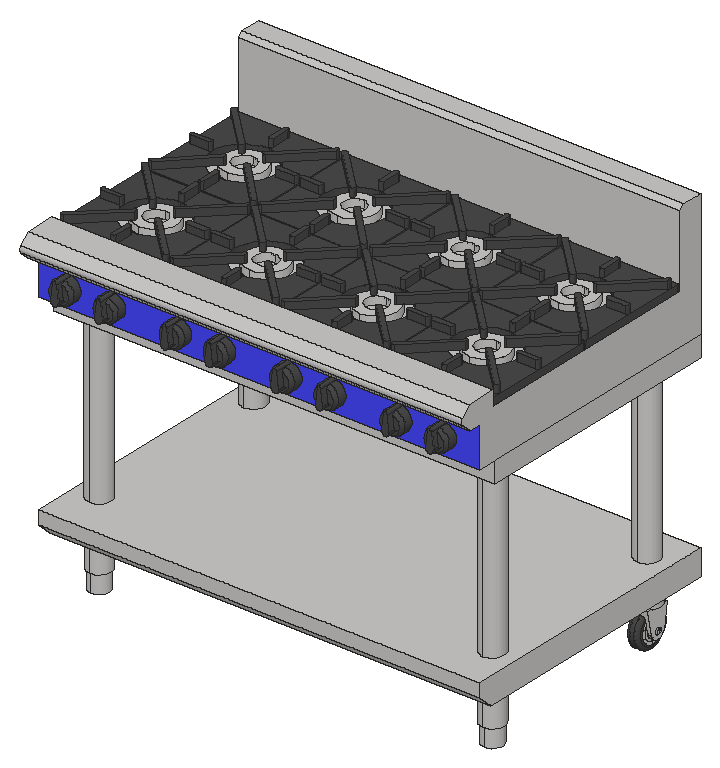
Revit family "QF_MOFFAT_BLUESEAL_CE_G518D-LS", category Specialty Equipment, Revit 2012 (continued)
Definition of nested family "GAS BURNER 1200"
  Lines and regions (mm)
    symbolic lines
      curve 55: line (596, 0, 0) -> (304, 0, 0)
      curve 56: arc (304, 0, 0) -> (301.879, -0.879, 0) -> (301, -3, 0) r 3
      curve 57: line (301, -3, 0) -> (301, -315.5, 0)
      curve 58: arc (301, -315.5, 0) -> (301.879, -317.621, 0) -> (304, -318.5, 0) r 3
      curve 59: line (304, -318.5, 0) -> (596, -318.5, 0)
      curve 60: arc (596, -318.5, 0) -> (598.121, -317.621, 0) -> (599, -315.5, 0) r 3
      curve 61: line (599, -315.5, 0) -> (599, -3, 0)
      curve 62: arc (599, -3, 0) -> (598.121, -0.879, 0) -> (596, 0, 0) r 3
      curve 63: line (296, 0, 0) -> (4, 0, 0)
      curve 64: arc (4, 0, 0) -> (1.879, -0.879, 0) -> (1, -3, 0) r 3
      curve 65: line (1, -3, 0) -> (1, -315.5, 0)
      curve 66: arc (1, -315.5, 0) -> (1.879, -317.621, 0) -> (4, -318.5, 0) r 3
      curve 67: line (4, -318.5, 0) -> (296, -318.5, 0)
      curve 68: arc (296, -318.5, 0) -> (298.121, -317.621, 0) -> (299, -315.5, 0) r 3
      curve 69: line (299, -315.5, 0) -> (299, -3, 0)
      curve 70: arc (299, -3, 0) -> (298.121, -0.879, 0) -> (296, 0, 0) r 3
      curve 71: line (296, -321.5, 0) -> (4, -321.5, 0)
      curve 72: arc (4, -321.5, 0) -> (1.879, -322.379, 0) -> (1, -324.5, 0) r 3
      curve 73: line (1, -324.5, 0) -> (1, -632, 0)
      curve 74: arc (1, -632, 0) -> (1.879, -634.121, 0) -> (4, -635, 0) r 3
      curve 75: line (4, -635, 0) -> (296, -635, 0)
      curve 76: arc (296, -635, 0) -> (298.121, -634.121, 0) -> (299, -632, 0) r 3
      curve 77: line (299, -632, 0) -> (299, -324.5, 0)
      curve 78: arc (299, -324.5, 0) -> (298.121, -322.379, 0) -> (296, -321.5, 0) r 3
      curve 79: line (596, -321.5, 0) -> (304, -321.5, 0)
      curve 80: arc (304, -321.5, 0) -> (301.879, -322.379, 0) -> (301, -324.5, 0) r 3
      curve 81: line (301, -324.5, 0) -> (301, -632, 0)
      curve 82: arc (301, -632, 0) -> (301.879, -634.121, 0) -> (304, -635, 0) r 3
      curve 83: line (304, -635, 0) -> (596, -635, 0)
      curve 84: arc (596, -635, 0) -> (598.121, -634.121, 0) -> (599, -632, 0) r 3
      curve 85: line (599, -632, 0) -> (599, -324.5, 0)
      curve 86: arc (599, -324.5, 0) -> (598.121, -322.379, 0) -> (596, -321.5, 0) r 3
      curve 87: line (293.898, -304.847, 0) -> (185.975, -193.424, 0)
      curve 88: spline (185.975, -193.424, 0) -> (184.905, -192.663, 0) -> (183.601, -192.262, 0) -> (182.149, -192.249, 0) -> (180.65, -192.625, 0) -> (179.205, -193.363, 0) -> (177.914, -194.414, 0) -> (176.863, -195.705, 0) -> (176.125, -197.15, 0) -> (175.749, -198.649, 0) -> (175.762, -200.101, 0) -> (176.163, -201.405, 0) -> (176.924, -202.475, 0)
      curve 89: line (176.924, -202.475, 0) -> (284.847, -313.898, 0)
      curve 90: spline (284.847, -313.898, 0) -> (285.916, -314.659, 0) -> (287.221, -315.059, 0) -> (288.672, -315.072, 0) -> (290.171, -314.697, 0) -> (291.616, -313.959, 0) -> (292.908, -312.908, 0) -> (293.959, -311.616, 0) -> (294.697, -310.171, 0) -> (295.072, -308.672, 0) -> (295.059, -307.221, 0) -> (294.659, -305.916, 0) -> (293.898, -304.847, 0)
      curve 91: line (15.153, -313.898, 0) -> (123.076, -202.475, 0)
      curve 92: spline (123.076, -202.475, 0) -> (123.837, -201.405, 0) -> (124.238, -200.101, 0) -> (124.251, -198.649, 0) -> (123.875, -197.15, 0) -> (123.137, -195.705, 0) -> (122.086, -194.414, 0) -> (120.795, -193.363, 0) -> (119.35, -192.625, 0) -> (117.851, -192.249, 0) -> (116.399, -192.262, 0) -> (115.095, -192.663, 0) -> (114.025, -193.424, 0)
      curve 93: line (114.025, -193.424, 0) -> (6.102, -304.847, 0)
      curve 94: spline (6.102, -304.847, 0) -> (5.341, -305.916, 0) -> (4.941, -307.221, 0) -> (4.928, -308.672, 0) -> (5.303, -310.171, 0) -> (6.041, -311.616, 0) -> (7.092, -312.908, 0) -> (8.384, -313.959, 0) -> (9.829, -314.697, 0) -> (11.328, -315.072, 0) -> (12.779, -315.059, 0) -> (14.084, -314.659, 0) -> (15.153, -313.898, 0)
      curve 95: line (8.898, -172.9, 0) -> (58.102, -172.9, 0)
      curve 96: spline (58.102, -172.9, 0) -> (59.396, -172.682, 0) -> (60.602, -172.043, 0) -> (61.638, -171.025, 0) -> (62.432, -169.7, 0) -> (62.932, -168.156, 0) -> (63.102, -166.5, 0) -> (62.932, -164.844, 0) -> (62.432, -163.3, 0) -> (61.638, -161.975, 0) -> (60.602, -160.957, 0) -> (59.396, -160.318, 0) -> (58.102, -160.1, 0)
      curve 97: line (58.102, -160.1, 0) -> (8.898, -160.1, 0)
      curve 98: spline (8.898, -160.1, 0) -> (7.604, -160.318, 0) -> (6.398, -160.957, 0) -> (5.362, -161.975, 0) -> (4.568, -163.3, 0) -> (4.068, -164.844, 0) -> (3.898, -166.5, 0) -> (4.068, -168.156, 0) -> (4.568, -169.7, 0) -> (5.362, -171.025, 0) -> (6.398, -172.043, 0) -> (7.604, -172.682, 0) -> (8.898, -172.9, 0)
      curve 99: line (6.102, -31.653, 0) -> (114.025, -139.576, 0)
      curve 100: spline (114.025, -139.576, 0) -> (115.095, -140.337, 0) -> (116.399, -140.738, 0) -> (117.851, -140.751, 0) -> (119.35, -140.375, 0) -> (120.795, -139.637, 0) -> (122.086, -138.586, 0) -> (123.137, -137.295, 0) -> (123.875, -135.85, 0) -> (124.251, -134.351, 0) -> (124.238, -132.899, 0) -> (123.837, -131.595, 0) -> (123.076, -130.525, 0)
      curve 101: line (123.076, -130.525, 0) -> (15.153, -22.602, 0)
      curve 102: spline (15.153, -22.602, 0) -> (13.924, -21.681, 0) -> (12.47, -21.131, 0) -> (10.89, -20.99, 0) -> (9.292, -21.267, 0) -> (7.786, -21.943, 0) -> (6.473, -22.973, 0) -> (5.443, -24.286, 0) -> (4.767, -25.792, 0) -> (4.49, -27.39, 0) -> (4.631, -28.97, 0) -> (5.181, -30.424, 0) -> (6.102, -31.653, 0)
      curve 103: arc (150, -136.5, 0) -> (180, -166.5, 0) -> (150, -196.5, 0) r 30
      curve 104: arc (150, -196.5, 0) -> (120, -166.5, 0) -> (150, -136.5, 0) r 30
      curve 105: line (156.4, -311.102, 0) -> (156.4, -261.898, 0)
      curve 106: spline (156.4, -261.898, 0) -> (156.182, -260.604, 0) -> (155.543, -259.398, 0) -> (154.525, -258.362, 0) -> (153.2, -257.568, 0) -> (151.656, -257.068, 0) -> (150, -256.898, 0) -> (148.344, -257.068, 0) -> (146.8, -257.568, 0) -> (145.475, -258.362, 0) -> (144.457, -259.398, 0) -> (143.818, -260.604, 0) -> (143.6, -261.898, 0)
      curve 107: line (143.6, -261.898, 0) -> (143.6, -311.102, 0)
      curve 108: spline (143.6, -311.102, 0) -> (143.818, -312.396, 0) -> (144.457, -313.602, 0) -> (145.475, -314.638, 0) -> (146.8, -315.432, 0) -> (148.344, -315.932, 0) -> (150, -316.102, 0) -> (151.656, -315.932, 0) -> (153.2, -315.432, 0) -> (154.525, -314.638, 0) -> (155.543, -313.602, 0) -> (156.182, -312.396, 0) -> (156.4, -311.102, 0)
      curve 109: line (156.4, -378.102, 0) -> (156.4, -328.898, 0)
      curve 110: spline (156.4, -328.898, 0) -> (156.182, -327.604, 0) -> (155.543, -326.398, 0) -> (154.525, -325.362, 0) -> (153.2, -324.568, 0) -> (151.656, -324.068, 0) -> (150, -323.898, 0) -> (148.344, -324.068, 0) -> (146.8, -324.568, 0) -> (145.475, -325.362, 0) -> (144.457, -326.398, 0) -> (143.818, -327.604, 0) -> (143.6, -328.898, 0)
      curve 111: line (143.6, -328.898, 0) -> (143.6, -378.102, 0)
      curve 112: spline (143.6, -378.102, 0) -> (143.818, -379.396, 0) -> (144.457, -380.602, 0) -> (145.475, -381.638, 0) -> (146.8, -382.432, 0) -> (148.344, -382.932, 0) -> (150, -383.102, 0) -> (151.656, -382.932, 0) -> (153.2, -382.432, 0) -> (154.525, -381.638, 0) -> (155.543, -380.602, 0) -> (156.182, -379.396, 0) -> (156.4, -378.102, 0)
      curve 113: line (284.847, -326.102, 0) -> (176.924, -434.025, 0)
      curve 114: spline (176.924, -434.025, 0) -> (176.163, -435.095, 0) -> (175.762, -436.399, 0) -> (175.749, -437.851, 0) -> (176.125, -439.35, 0) -> (176.863, -440.795, 0) -> (177.914, -442.086, 0) -> (179.205, -443.137, 0) -> (180.65, -443.875, 0) -> (182.149, -444.251, 0) -> (183.601, -444.238, 0) -> (184.905, -443.837, 0) -> (185.975, -443.076, 0)
      curve 115: line (185.975, -443.076, 0) -> (293.898, -335.153, 0)
      curve 116: spline (293.898, -335.153, 0) -> (294.659, -334.084, 0) -> (295.059, -332.779, 0) -> (295.072, -331.328, 0) -> (294.697, -329.829, 0) -> (293.959, -328.384, 0) -> (292.908, -327.092, 0) -> (291.616, -326.041, 0) -> (290.171, -325.303, 0) -> (288.672, -324.928, 0) -> (287.221, -324.941, 0) -> (285.916, -325.341, 0) -> (284.847, -326.102, 0)
      curve 117: line (123.076, -434.025, 0) -> (15.153, -326.102, 0)
      curve 118: spline (15.153, -326.102, 0) -> (13.924, -325.181, 0) -> (12.47, -324.631, 0) -> (10.89, -324.49, 0) -> (9.292, -324.767, 0) -> (7.786, -325.443, 0) -> (6.473, -326.473, 0) -> (5.443, -327.786, 0) -> (4.767, -329.292, 0) -> (4.49, -330.89, 0) -> (4.631, -332.47, 0) -> (5.181, -333.924, 0) -> (6.102, -335.153, 0)
      curve 119: line (6.102, -335.153, 0) -> (114.025, -443.076, 0)
      curve 120: spline (114.025, -443.076, 0) -> (115.095, -443.837, 0) -> (116.399, -444.238, 0) -> (117.851, -444.251, 0) -> (119.35, -443.875, 0) -> (120.795, -443.137, 0) -> (122.086, -442.086, 0) -> (123.137, -440.795, 0) -> (123.875, -439.35, 0) -> (124.251, -437.851, 0) -> (124.238, -436.399, 0) -> (123.837, -435.095, 0) -> (123.076, -434.025, 0)
      curve 121: line (58.102, -463.6, 0) -> (8.898, -463.6, 0)
      curve 122: spline (8.898, -463.6, 0) -> (7.604, -463.818, 0) -> (6.398, -464.457, 0) -> (5.362, -465.475, 0) -> (4.568, -466.8, 0) -> (4.068, -468.344, 0) -> (3.898, -470, 0) -> (4.068, -471.656, 0) -> (4.568, -473.2, 0) -> (5.362, -474.525, 0) -> (6.398, -475.543, 0) -> (7.604, -476.182, 0) -> (8.898, -476.4, 0)
      curve 123: line (8.898, -476.4, 0) -> (58.102, -476.4, 0)
      curve 124: spline (58.102, -476.4, 0) -> (59.396, -476.182, 0) -> (60.602, -475.543, 0) -> (61.638, -474.525, 0) -> (62.432, -473.2, 0) -> (62.932, -471.656, 0) -> (63.102, -470, 0) -> (62.932, -468.344, 0) -> (62.432, -466.8, 0) -> (61.638, -465.475, 0) -> (60.602, -464.457, 0) -> (59.396, -463.818, 0) -> (58.102, -463.6, 0)
      curve 125: line (114.025, -496.924, 0) -> (6.102, -603.347, 0)
      curve 126: spline (6.102, -603.347, 0) -> (5.341, -604.416, 0) -> (4.941, -605.721, 0) -> (4.928, -607.172, 0) -> (5.303, -608.671, 0) -> (6.041, -610.116, 0) -> (7.092, -611.408, 0) -> (8.384, -612.459, 0) -> (9.829, -613.197, 0) -> (11.328, -613.572, 0) -> (12.779, -613.559, 0) -> (14.084, -613.159, 0) -> (15.153, -612.398, 0)
      curve 127: line (15.153, -612.398, 0) -> (123.076, -505.975, 0)
      curve 128: spline (123.076, -505.975, 0) -> (123.837, -504.905, 0) -> (124.238, -503.601, 0) -> (124.251, -502.149, 0) -> (123.875, -500.65, 0) -> (123.137, -499.205, 0) -> (122.086, -497.914, 0) -> (120.795, -496.863, 0) -> (119.35, -496.125, 0) -> (117.851, -495.749, 0) -> (116.399, -495.762, 0) -> (115.095, -496.163, 0) -> (114.025, -496.924, 0)
      curve 129: line (156.4, -609.602, 0) -> (156.4, -561.898, 0)
      curve 130: spline (156.4, -561.898, 0) -> (156.182, -560.604, 0) -> (155.543, -559.398, 0) -> (154.525, -558.362, 0) -> (153.2, -557.568, 0) -> (151.656, -557.068, 0) -> (150, -556.898, 0) -> (148.344, -557.068, 0) -> (146.8, -557.568, 0) -> (145.475, -558.362, 0) -> (144.457, -559.398, 0) -> (143.818, -560.604, 0) -> (143.6, -561.898, 0)
      curve 131: line (143.6, -561.898, 0) -> (143.6, -609.602, 0)
      curve 132: spline (143.6, -609.602, 0) -> (143.818, -610.896, 0) -> (144.457, -612.102, 0) -> (145.475, -613.138, 0) -> (146.8, -613.932, 0) -> (148.344, -614.432, 0) -> (150, -614.602, 0) -> (151.656, -614.432, 0) -> (153.2, -613.932, 0) -> (154.525, -613.138, 0) -> (155.543, -612.102, 0) -> (156.182, -610.896, 0) -> (156.4, -609.602, 0)
      curve 133: line (176.924, -505.975, 0) -> (284.847, -612.398, 0)
      curve 134: spline (284.847, -612.398, 0) -> (285.916, -613.159, 0) -> (287.221, -613.559, 0) -> (288.672, -613.572, 0) -> (290.171, -613.197, 0) -> (291.616, -612.459, 0) -> (292.908, -611.408, 0) -> (293.959, -610.116, 0) -> (294.697, -608.671, 0) -> (295.072, -607.172, 0) -> (295.059, -605.721, 0) -> (294.659, -604.416, 0) -> (293.898, -603.347, 0)
      curve 135: line (293.898, -603.347, 0) -> (185.975, -496.924, 0)
      curve 136: spline (185.975, -496.924, 0) -> (184.905, -496.163, 0) -> (183.601, -495.762, 0) -> (182.149, -495.749, 0) -> (180.65, -496.125, 0) -> (179.205, -496.863, 0) -> (177.914, -497.914, 0) -> (176.863, -499.205, 0) -> (176.125, -500.65, 0) -> (175.749, -502.149, 0) -> (175.762, -503.601, 0) -> (176.163, -504.905, 0) -> (176.924, -505.975, 0)
      curve 137: arc (149.991, -384.418, 0) -> (179.687, -389.836, 0) -> (205.556, -405.393, 0) r 84.082
      curve 138: arc (149.991, -552.582, 0) -> (121.173, -547.489, 0) -> (95.845, -532.827, 0) r 84.082
      curve 139: arc (150, -523.5, 0) -> (167.666, -520.693, 0) -> (183.592, -512.55, 0) r 57
      curve 140: arc (150, -409.5, 0) -> (130.014, -413.119, 0) -> (112.566, -423.515, 0) r 57
      curve 141: arc (150, -436.5, 0) -> (180, -466.5, 0) -> (150, -496.5, 0) r 30
      curve 142: arc (150, -496.5, 0) -> (120, -466.5, 0) -> (150, -436.5, 0) r 30
      curve 143: line (291.102, -463.6, 0) -> (241.898, -463.6, 0)
      curve 144: spline (241.898, -463.6, 0) -> (240.604, -463.818, 0) -> (239.398, -464.457, 0) -> (238.362, -465.475, 0) -> (237.568, -466.8, 0) -> (237.068, -468.344, 0) -> (236.898, -470, 0) -> (237.068, -471.656, 0) -> (237.568, -473.2, 0) -> (238.362, -474.525, 0) -> (239.398, -475.543, 0) -> (240.604, -476.182, 0) -> (241.898, -476.4, 0)
      curve 145: line (241.898, -476.4, 0) -> (291.102, -476.4, 0)
      curve 146: spline (291.102, -476.4, 0) -> (292.396, -476.182, 0) -> (293.602, -475.543, 0) -> (294.638, -474.525, 0) -> (295.432, -473.2, 0) -> (295.932, -471.656, 0) -> (296.102, -470, 0) -> (295.932, -468.344, 0) -> (295.432, -466.8, 0) -> (294.638, -465.475, 0) -> (293.602, -464.457, 0) -> (292.396, -463.818, 0) -> (291.102, -463.6, 0)
      curve 147: line (423.076, -434.025, 0) -> (315.153, -326.102, 0)
      curve 148: spline (315.153, -326.102, 0) -> (314.084, -325.341, 0) -> (312.779, -324.941, 0) -> (311.328, -324.928, 0) -> (309.829, -325.303, 0) -> (308.384, -326.041, 0) -> (307.092, -327.092, 0) -> (306.041, -328.384, 0) -> (305.303, -329.829, 0) -> (304.928, -331.328, 0) -> (304.941, -332.779, 0) -> (305.341, -334.084, 0) -> (306.102, -335.153, 0)
      curve 149: line (306.102, -335.153, 0) -> (414.025, -443.076, 0)
      curve 150: spline (414.025, -443.076, 0) -> (415.095, -443.837, 0) -> (416.399, -444.238, 0) -> (417.851, -444.251, 0) -> (419.35, -443.875, 0) -> (420.795, -443.137, 0) -> (422.086, -442.086, 0) -> (423.137, -440.795, 0) -> (423.875, -439.35, 0) -> (424.251, -437.851, 0) -> (424.238, -436.399, 0) -> (423.837, -435.095, 0) -> (423.076, -434.025, 0)
      curve 151: line (443.6, -328.898, 0) -> (443.6, -378.102, 0)
      curve 152: spline (443.6, -378.102, 0) -> (443.818, -379.396, 0) -> (444.457, -380.602, 0) -> (445.475, -381.638, 0) -> (446.8, -382.432, 0) -> (448.344, -382.932, 0) -> (450, -383.102, 0) -> (451.656, -382.932, 0) -> (453.2, -382.432, 0) -> (454.525, -381.638, 0) -> (455.543, -380.602, 0) -> (456.182, -379.396, 0) -> (456.4, -378.102, 0)
      curve 153: line (456.4, -378.102, 0) -> (456.4, -328.898, 0)
      curve 154: spline (456.4, -328.898, 0) -> (456.182, -327.604, 0) -> (455.543, -326.398, 0) -> (454.525, -325.362, 0) -> (453.2, -324.568, 0) -> (451.656, -324.068, 0) -> (450, -323.898, 0) -> (448.344, -324.068, 0) -> (446.8, -324.568, 0) -> (445.475, -325.362, 0) -> (444.457, -326.398, 0) -> (443.818, -327.604, 0) -> (443.6, -328.898, 0)
      curve 155: line (584.847, -326.102, 0) -> (476.924, -434.025, 0)
      curve 156: spline (476.924, -434.025, 0) -> (476.163, -435.095, 0) -> (475.762, -436.399, 0) -> (475.749, -437.851, 0) -> (476.125, -439.35, 0) -> (476.863, -440.795, 0) -> (477.914, -442.086, 0) -> (479.205, -443.137, 0) -> (480.65, -443.875, 0) -> (482.149, -444.251, 0) -> (483.601, -444.238, 0) -> (484.905, -443.837, 0) -> (485.975, -443.076, 0)
      curve 157: line (485.975, -443.076, 0) -> (593.898, -335.153, 0)
      curve 158: spline (593.898, -335.153, 0) -> (594.819, -333.924, 0) -> (595.369, -332.47, 0) -> (595.51, -330.89, 0) -> (595.233, -329.292, 0) -> (594.557, -327.786, 0) -> (593.527, -326.473, 0) -> (592.214, -325.443, 0) -> (590.708, -324.767, 0) -> (589.11, -324.49, 0) -> (587.53, -324.631, 0) -> (586.076, -325.181, 0) -> (584.847, -326.102, 0)
      curve 159: line (591.102, -463.6, 0) -> (541.898, -463.6, 0)
      curve 160: spline (541.898, -463.6, 0) -> (540.604, -463.818, 0) -> (539.398, -464.457, 0) -> (538.362, -465.475, 0) -> (537.568, -466.8, 0) -> (537.068, -468.344, 0) -> (536.898, -470, 0) -> (537.068, -471.656, 0) -> (537.568, -473.2, 0) -> (538.362, -474.525, 0) -> (539.398, -475.543, 0) -> (540.604, -476.182, 0) -> (541.898, -476.4, 0)
      curve 161: line (541.898, -476.4, 0) -> (591.102, -476.4, 0)
      curve 162: spline (591.102, -476.4, 0) -> (592.396, -476.182, 0) -> (593.602, -475.543, 0) -> (594.638, -474.525, 0) -> (595.432, -473.2, 0) -> (595.932, -471.656, 0) -> (596.102, -470, 0) -> (595.932, -468.344, 0) -> (595.432, -466.8, 0) -> (594.638, -465.475, 0) -> (593.602, -464.457, 0) -> (592.396, -463.818, 0) -> (591.102, -463.6, 0)
      curve 163: line (593.898, -603.347, 0) -> (485.975, -496.924, 0)
      curve 164: spline (485.975, -496.924, 0) -> (484.905, -496.163, 0) -> (483.601, -495.762, 0) -> (482.149, -495.749, 0) -> (480.65, -496.125, 0) -> (479.205, -496.863, 0) -> (477.914, -497.914, 0) -> (476.863, -499.205, 0) -> (476.125, -500.65, 0) -> (475.749, -502.149, 0) -> (475.762, -503.601, 0) -> (476.163, -504.905, 0) -> (476.924, -505.975, 0)
      curve 165: line (476.924, -505.975, 0) -> (584.847, -612.398, 0)
      curve 166: spline (584.847, -612.398, 0) -> (585.916, -613.159, 0) -> (587.221, -613.559, 0) -> (588.672, -613.572, 0) -> (590.171, -613.197, 0) -> (591.616, -612.459, 0) -> (592.908, -611.408, 0) -> (593.959, -610.116, 0) -> (594.697, -608.671, 0) -> (595.072, -607.172, 0) -> (595.059, -605.721, 0) -> (594.659, -604.416, 0) -> (593.898, -603.347, 0)
      curve 167: line (315.153, -612.398, 0) -> (423.076, -505.975, 0)
      curve 168: spline (423.076, -505.975, 0) -> (423.837, -504.905, 0) -> (424.238, -503.601, 0) -> (424.251, -502.149, 0) -> (423.875, -500.65, 0) -> (423.137, -499.205, 0) -> (422.086, -497.914, 0) -> (420.795, -496.863, 0) -> (419.35, -496.125, 0) -> (417.851, -495.749, 0) -> (416.399, -495.762, 0) -> (415.095, -496.163, 0) -> (414.025, -496.924, 0)
      curve 169: line (414.025, -496.924, 0) -> (306.102, -603.347, 0)
      curve 170: spline (306.102, -603.347, 0) -> (305.341, -604.416, 0) -> (304.941, -605.721, 0) -> (304.928, -607.172, 0) -> (305.303, -608.671, 0) -> (306.041, -610.116, 0) -> (307.092, -611.408, 0) -> (308.384, -612.459, 0) -> (309.829, -613.197, 0) -> (311.328, -613.572, 0) -> (312.779, -613.559, 0) -> (314.084, -613.159, 0) -> (315.153, -612.398, 0)
      curve 171: line (308.898, -476.4, 0) -> (358.102, -476.4, 0)
      curve 172: spline (358.102, -476.4, 0) -> (359.396, -476.182, 0) -> (360.602, -475.543, 0) -> (361.638, -474.525, 0) -> (362.432, -473.2, 0) -> (362.932, -471.656, 0) -> (363.102, -470, 0) -> (362.932, -468.344, 0) -> (362.432, -466.8, 0) -> (361.638, -465.475, 0) -> (360.602, -464.457, 0) -> (359.396, -463.818, 0) -> (358.102, -463.6, 0)
      curve 173: line (358.102, -463.6, 0) -> (308.898, -463.6, 0)
      curve 174: spline (308.898, -463.6, 0) -> (307.604, -463.818, 0) -> (306.398, -464.457, 0) -> (305.362, -465.475, 0) -> (304.568, -466.8, 0) -> (304.068, -468.344, 0) -> (303.898, -470, 0) -> (304.068, -471.656, 0) -> (304.568, -473.2, 0) -> (305.362, -474.525, 0) -> (306.398, -475.543, 0) -> (307.604, -476.182, 0) -> (308.898, -476.4, 0)
      curve 175: line (456.4, -609.602, 0) -> (456.4, -561.898, 0)
      curve 176: spline (456.4, -561.898, 0) -> (456.182, -560.604, 0) -> (455.543, -559.398, 0) -> (454.525, -558.362, 0) -> (453.2, -557.568, 0) -> (451.656, -557.068, 0) -> (450, -556.898, 0) -> (448.344, -557.068, 0) -> (446.8, -557.568, 0) -> (445.475, -558.362, 0) -> (444.457, -559.398, 0) -> (443.818, -560.604, 0) -> (443.6, -561.898, 0)
      curve 177: line (443.6, -561.898, 0) -> (443.6, -609.602, 0)
      curve 178: spline (443.6, -609.602, 0) -> (443.818, -610.896, 0) -> (444.457, -612.102, 0) -> (445.475, -613.138, 0) -> (446.8, -613.932, 0) -> (448.344, -614.432, 0) -> (450, -614.602, 0) -> (451.656, -614.432, 0) -> (453.2, -613.932, 0) -> (454.525, -613.138, 0) -> (455.543, -612.102, 0) -> (456.182, -610.896, 0) -> (456.4, -609.602, 0)
      curve 179: arc (450.009, -384.418, 0) -> (479.699, -389.834, 0) -> (505.564, -405.385, 0) r 84.082
      curve 180: arc (450.009, -552.582, 0) -> (417.885, -546.204, 0) -> (390.635, -528.036, 0) r 84.082
      curve 181: arc (450, -523.5, 0) -> (467.666, -520.693, 0) -> (483.592, -512.55, 0) r 57
      curve 182: arc (450, -409.5, 0) -> (430.014, -413.119, 0) -> (412.566, -423.515, 0) r 57
      curve 183: arc (450, -436.5, 0) -> (480, -466.5, 0) -> (450, -496.5, 0) r 30
      curve 184: arc (450, -496.5, 0) -> (420, -466.5, 0) -> (450, -436.5, 0) r 30
      curve 185: arc (96.324, -103.773, 0) -> (121.466, -89.404, 0) -> (149.991, -84.418, 0) r 84.082
      curve 186: arc (212.871, -112.68, 0) -> (234.066, -167.408, 0) -> (214.3, -222.668, 0) r 84.082
      curve 187: arc (194.454, -202.178, 0) -> (207, -166.598, 0) -> (194.576, -130.975, 0) r 57
      curve 188: arc (114.628, -211.197, 0) -> (131.275, -220.336, 0) -> (150, -223.5, 0) r 57
      curve 189: arc (405.424, -130.975, 0) -> (393, -166.598, 0) -> (405.546, -202.178, 0) r 57
      curve 190: arc (485.525, -121.924, 0) -> (468.817, -112.696, 0) -> (450, -109.5, 0) r 57
      curve 191: arc (494.454, -202.178, 0) -> (507, -166.598, 0) -> (494.576, -130.975, 0) r 57
      curve 192: arc (414.628, -211.197, 0) -> (431.275, -220.336, 0) -> (450, -223.5, 0) r 57
      curve 193: arc (105.424, -130.975, 0) -> (93, -166.598, 0) -> (105.546, -202.178, 0) r 57
      curve 194: arc (514.501, -414.55, 0) -> (534.086, -469.429, 0) -> (513.293, -523.862, 0) r 84.082
      curve 195: arc (504.155, -532.827, 0) -> (478.827, -547.489, 0) -> (450.009, -552.582, 0) r 84.082
      curve 196: arc (493.031, -503.881, 0) -> (506.947, -468.956, 0) -> (496.089, -432.962, 0) r 57
      curve 197: arc (416.408, -512.55, 0) -> (432.334, -520.693, 0) -> (450, -523.5, 0) r 57
      curve 198: arc (403.911, -432.962, 0) -> (393.053, -468.956, 0) -> (406.969, -503.881, 0) r 57
      curve 199: arc (487.434, -423.515, 0) -> (469.986, -413.119, 0) -> (450, -409.5, 0) r 57
      curve 200: arc (187.434, -423.515, 0) -> (169.986, -413.119, 0) -> (150, -409.5, 0) r 57
      curve 201: arc (103.911, -432.962, 0) -> (93.053, -468.956, 0) -> (106.969, -503.881, 0) r 57
      curve 202: arc (109.732, -506.842, 0) -> (110.614, -507.704, 0) -> (111.516, -508.547, 0) r 57
      curve 203: arc (193.031, -503.881, 0) -> (206.947, -468.956, 0) -> (196.089, -432.962, 0) r 57
      curve 204: arc (214.491, -414.56, 0) -> (234.068, -469.429, 0) -> (213.283, -523.853, 0) r 84.082
      curve 205: arc (94.436, -405.385, 0) -> (120.301, -389.834, 0) -> (149.991, -384.418, 0) r 84.082
      curve 206: arc (86.707, -523.862, 0) -> (65.914, -469.429, 0) -> (85.499, -414.55, 0) r 84.082
      curve 207: arc (116.408, -512.55, 0) -> (132.334, -520.693, 0) -> (150, -523.5, 0) r 57
      curve 208: arc (204.147, -532.819, 0) -> (178.816, -547.487, 0) -> (149.991, -552.582, 0) r 84.082
      curve 209: arc (394.444, -405.393, 0) -> (420.313, -389.836, 0) -> (450.009, -384.418, 0) r 84.082
      curve 210: arc (390.635, -528.036, 0) -> (366.012, -472.294, 0) -> (385.509, -414.56, 0) r 84.082
      curve 211: arc (185.525, -121.924, 0) -> (168.817, -112.696, 0) -> (150, -109.5, 0) r 57
      curve 212: arc (396.332, -103.781, 0) -> (421.477, -89.406, 0) -> (450.009, -84.418, 0) r 84.082
      curve 213: arc (512.881, -112.67, 0) -> (534.084, -167.408, 0) -> (514.31, -222.678, 0) r 84.082
      curve 214: arc (505.339, -231.812, 0) -> (479.559, -247.219, 0) -> (450.009, -252.582, 0) r 84.082
      curve 215: arc (385.7, -222.668, 0) -> (365.934, -167.408, 0) -> (387.129, -112.68, 0) r 84.082
      curve 216: arc (205.331, -231.803, 0) -> (179.547, -247.216, 0) -> (149.991, -252.582, 0) r 84.082
      curve 217: arc (85.69, -222.678, 0) -> (65.916, -167.408, 0) -> (87.119, -112.67, 0) r 84.082
      curve 218: spline (724.076, -130.525, 0) -> (724.837, -131.595, 0) -> (725.238, -132.899, 0) -> (725.251, -134.351, 0) -> (724.875, -135.85, 0) -> (724.137, -137.295, 0) -> (723.086, -138.586, 0) -> (721.795, -139.637, 0) -> (720.35, -140.375, 0) -> (718.851, -140.751, 0) -> (717.399, -140.738, 0) -> (716.095, -140.337, 0) -> (715.025, -139.576, 0)
      curve 219: spline (659.102, -160.1, 0) -> (660.396, -160.318, 0) -> (661.602, -160.957, 0) -> (662.638, -161.975, 0) -> (663.432, -163.3, 0) -> (663.932, -164.844, 0) -> (664.102, -166.5, 0) -> (663.932, -168.156, 0) -> (663.432, -169.7, 0) -> (662.638, -171.025, 0) -> (661.602, -172.043, 0) -> (660.396, -172.682, 0) -> (659.102, -172.9, 0)
      curve 220: arc (751, -223.5, 0) -> (732.275, -220.336, 0) -> (715.628, -211.197, 0) r 57
      curve 221: arc (751, -109.5, 0) -> (769.817, -112.696, 0) -> (786.525, -121.924, 0) r 57
      curve 222: arc (751.009, -84.418, 0) -> (722.477, -89.406, 0) -> (697.332, -103.781, 0) r 84.082
      curve 223: arc (751.009, -252.582, 0) -> (780.559, -247.219, 0) -> (806.339, -231.812, 0) r 84.082
      curve 224: line (744.6, -74.602, 0) -> (744.6, -25.398, 0)
      curve 225: spline (744.6, -25.398, 0) -> (744.818, -24.104, 0) -> (745.457, -22.898, 0) -> (746.475, -21.862, 0) -> (747.8, -21.068, 0) -> (749.344, -20.568, 0) -> (751, -20.398, 0) -> (752.656, -20.568, 0) -> (754.2, -21.068, 0) -> (755.525, -21.862, 0) -> (756.543, -22.898, 0) -> (757.182, -24.104, 0) -> (757.4, -25.398, 0)
      curve 226: line (757.4, -25.398, 0) -> (757.4, -74.602, 0)
      curve 227: spline (757.4, -74.602, 0) -> (757.182, -75.896, 0) -> (756.543, -77.102, 0) -> (755.525, -78.138, 0) -> (754.2, -78.932, 0) -> (752.656, -79.432, 0) -> (751, -79.602, 0) -> (749.344, -79.432, 0) -> (747.8, -78.932, 0) -> (746.475, -78.138, 0) -> (745.457, -77.102, 0) -> (744.818, -75.896, 0) -> (744.6, -74.602, 0)
      curve 228: arc (897, 0, 0) -> (899.121, -0.879, 0) -> (900, -3, 0) r 3
      curve 229: line (900, -3, 0) -> (900, -315.5, 0)
      curve 230: arc (900, -315.5, 0) -> (899.121, -317.621, 0) -> (897, -318.5, 0) r 3
      curve 231: arc (897, -321.5, 0) -> (899.121, -322.379, 0) -> (900, -324.5, 0) r 3
      curve 232: line (900, -324.5, 0) -> (900, -632, 0)
      curve 233: arc (900, -632, 0) -> (899.121, -634.121, 0) -> (897, -635, 0) r 3
      curve 234: spline (715.025, -193.424, 0) -> (716.095, -192.663, 0) -> (717.399, -192.262, 0) -> (718.851, -192.249, 0) -> (720.35, -192.625, 0) -> (721.795, -193.363, 0) -> (723.086, -194.414, 0) -> (724.137, -195.705, 0) -> (724.875, -197.15, 0) -> (725.251, -198.649, 0) -> (725.238, -200.101, 0) -> (724.837, -201.405, 0) -> (724.076, -202.475, 0)
      curve 235: line (885.847, -313.898, 0) -> (777.924, -202.475, 0)
      curve 236: spline (777.924, -202.475, 0) -> (777.163, -201.405, 0) -> (776.762, -200.101, 0) -> (776.749, -198.649, 0) -> (777.125, -197.15, 0) -> (777.863, -195.705, 0) -> (778.914, -194.414, 0) -> (780.205, -193.363, 0) -> (781.65, -192.625, 0) -> (783.149, -192.249, 0) -> (784.601, -192.262, 0) -> (785.905, -192.663, 0) -> (786.975, -193.424, 0)
      curve 237: line (786.975, -193.424, 0) -> (894.898, -304.847, 0)
      curve 238: spline (894.898, -304.847, 0) -> (895.659, -305.916, 0) -> (896.059, -307.221, 0) -> (896.072, -308.672, 0) -> (895.697, -310.171, 0) -> (894.959, -311.616, 0) -> (893.908, -312.908, 0) -> (892.616, -313.959, 0) -> (891.171, -314.697, 0) -> (889.672, -315.072, 0) -> (888.221, -315.059, 0) -> (886.916, -314.659, 0) -> (885.847, -313.898, 0)
      curve 239: line (892.102, -172.9, 0) -> (842.898, -172.9, 0)
      curve 240: spline (842.898, -172.9, 0) -> (841.604, -172.682, 0) -> (840.398, -172.043, 0) -> (839.362, -171.025, 0) -> (838.568, -169.7, 0) -> (838.068, -168.156, 0) -> (837.898, -166.5, 0) -> (838.068, -164.844, 0) -> (838.568, -163.3, 0) -> (839.362, -161.975, 0) -> (840.398, -160.957, 0) -> (841.604, -160.318, 0) -> (842.898, -160.1, 0)
      curve 241: line (842.898, -160.1, 0) -> (892.102, -160.1, 0)
      curve 242: spline (892.102, -160.1, 0) -> (893.396, -160.318, 0) -> (894.602, -160.957, 0) -> (895.638, -161.975, 0) -> (896.432, -163.3, 0) -> (896.932, -164.844, 0) -> (897.102, -166.5, 0) -> (896.932, -168.156, 0) -> (896.432, -169.7, 0) -> (895.638, -171.025, 0) -> (894.602, -172.043, 0) -> (893.396, -172.682, 0) -> (892.102, -172.9, 0)
      curve 243: line (894.898, -31.653, 0) -> (786.975, -139.576, 0)
      curve 244: spline (786.975, -139.576, 0) -> (785.905, -140.337, 0) -> (784.601, -140.738, 0) -> (783.149, -140.751, 0) -> (781.65, -140.375, 0) -> (780.205, -139.637, 0) -> (778.914, -138.586, 0) -> (777.863, -137.295, 0) -> (777.125, -135.85, 0) -> (776.749, -134.351, 0) -> (776.762, -132.899, 0) -> (777.163, -131.595, 0) -> (777.924, -130.525, 0)
      curve 245: line (777.924, -130.525, 0) -> (885.847, -22.602, 0)
      curve 246: spline (885.847, -22.602, 0) -> (887.076, -21.681, 0) -> (888.53, -21.131, 0) -> (890.11, -20.99, 0) -> (891.708, -21.267, 0) -> (893.214, -21.943, 0) -> (894.527, -22.973, 0) -> (895.557, -24.286, 0) -> (896.233, -25.792, 0) -> (896.51, -27.39, 0) -> (896.369, -28.97, 0) -> (895.819, -30.424, 0) -> (894.898, -31.653, 0)
      curve 247: arc (751, -136.5, 0) -> (721, -166.5, 0) -> (751, -196.5, 0) r 30
      curve 248: arc (751, -196.5, 0) -> (781, -166.5, 0) -> (751, -136.5, 0) r 30
      curve 249: line (744.6, -311.102, 0) -> (744.6, -261.898, 0)
      curve 250: spline (744.6, -261.898, 0) -> (744.818, -260.604, 0) -> (745.457, -259.398, 0) -> (746.475, -258.362, 0) -> (747.8, -257.568, 0) -> (749.344, -257.068, 0) -> (751, -256.898, 0) -> (752.656, -257.068, 0) -> (754.2, -257.568, 0) -> (755.525, -258.362, 0) -> (756.543, -259.398, 0) -> (757.182, -260.604, 0) -> (757.4, -261.898, 0)
      curve 251: line (757.4, -261.898, 0) -> (757.4, -311.102, 0)
      curve 252: spline (757.4, -311.102, 0) -> (757.182, -312.396, 0) -> (756.543, -313.602, 0) -> (755.525, -314.638, 0) -> (754.2, -315.432, 0) -> (752.656, -315.932, 0) -> (751, -316.102, 0) -> (749.344, -315.932, 0) -> (747.8, -315.432, 0) -> (746.475, -314.638, 0) -> (745.457, -313.602, 0) -> (744.818, -312.396, 0) -> (744.6, -311.102, 0)
      curve 253: line (744.6, -378.102, 0) -> (744.6, -328.898, 0)
      curve 254: spline (744.6, -328.898, 0) -> (744.818, -327.604, 0) -> (745.457, -326.398, 0) -> (746.475, -325.362, 0) -> (747.8, -324.568, 0) -> (749.344, -324.068, 0) -> (751, -323.898, 0) -> (752.656, -324.068, 0) -> (754.2, -324.568, 0) -> (755.525, -325.362, 0) -> (756.543, -326.398, 0) -> (757.182, -327.604, 0) -> (757.4, -328.898, 0)
      curve 255: line (757.4, -328.898, 0) -> (757.4, -378.102, 0)
      curve 256: spline (757.4, -378.102, 0) -> (757.182, -379.396, 0) -> (756.543, -380.602, 0) -> (755.525, -381.638, 0) -> (754.2, -382.432, 0) -> (752.656, -382.932, 0) -> (751, -383.102, 0) -> (749.344, -382.932, 0) -> (747.8, -382.432, 0) -> (746.475, -381.638, 0) -> (745.457, -380.602, 0) -> (744.818, -379.396, 0) -> (744.6, -378.102, 0)
      curve 257: spline (724.076, -434.025, 0) -> (724.837, -435.095, 0) -> (725.238, -436.399, 0) -> (725.251, -437.851, 0) -> (724.875, -439.35, 0) -> (724.137, -440.795, 0) -> (723.086, -442.086, 0) -> (721.795, -443.137, 0) -> (720.35, -443.875, 0) -> (718.851, -444.251, 0) -> (717.399, -444.238, 0) -> (716.095, -443.837, 0) -> (715.025, -443.076, 0)
      curve 258: line (777.924, -434.025, 0) -> (885.847, -326.102, 0)
      curve 259: spline (885.847, -326.102, 0) -> (887.076, -325.181, 0) -> (888.53, -324.631, 0) -> (890.11, -324.49, 0) -> (891.708, -324.767, 0) -> (893.214, -325.443, 0) -> (894.527, -326.473, 0) -> (895.557, -327.786, 0) -> (896.233, -329.292, 0) -> (896.51, -330.89, 0) -> (896.369, -332.47, 0) -> (895.819, -333.924, 0) -> (894.898, -335.153, 0)
      curve 260: line (894.898, -335.153, 0) -> (786.975, -443.076, 0)
      curve 261: spline (786.975, -443.076, 0) -> (785.905, -443.837, 0) -> (784.601, -444.238, 0) -> (783.149, -444.251, 0) -> (781.65, -443.875, 0) -> (780.205, -443.137, 0) -> (778.914, -442.086, 0) -> (777.863, -440.795, 0) -> (777.125, -439.35, 0) -> (776.749, -437.851, 0) -> (776.762, -436.399, 0) -> (777.163, -435.095, 0) -> (777.924, -434.025, 0)
      curve 262: line (842.898, -463.6, 0) -> (892.102, -463.6, 0)
      curve 263: spline (892.102, -463.6, 0) -> (893.396, -463.818, 0) -> (894.602, -464.457, 0) -> (895.638, -465.475, 0) -> (896.432, -466.8, 0) -> (896.932, -468.344, 0) -> (897.102, -470, 0) -> (896.932, -471.656, 0) -> (896.432, -473.2, 0) -> (895.638, -474.525, 0) -> (894.602, -475.543, 0) -> (893.396, -476.182, 0) -> (892.102, -476.4, 0)
      curve 264: line (892.102, -476.4, 0) -> (842.898, -476.4, 0)
      curve 265: spline (842.898, -476.4, 0) -> (841.604, -476.182, 0) -> (840.398, -475.543, 0) -> (839.362, -474.525, 0) -> (838.568, -473.2, 0) -> (838.068, -471.656, 0) -> (837.898, -470, 0) -> (838.068, -468.344, 0) -> (838.568, -466.8, 0) -> (839.362, -465.475, 0) -> (840.398, -464.457, 0) -> (841.604, -463.818, 0) -> (842.898, -463.6, 0)
      curve 266: line (786.975, -496.924, 0) -> (894.898, -603.347, 0)
      curve 267: spline (894.898, -603.347, 0) -> (895.659, -604.416, 0) -> (896.059, -605.721, 0) -> (896.072, -607.172, 0) -> (895.697, -608.671, 0) -> (894.959, -610.116, 0) -> (893.908, -611.408, 0) -> (892.616, -612.459, 0) -> (891.171, -613.197, 0) -> (889.672, -613.572, 0) -> (888.221, -613.559, 0) -> (886.916, -613.159, 0) -> (885.847, -612.398, 0)
      curve 268: line (885.847, -612.398, 0) -> (777.924, -505.975, 0)
      curve 269: spline (777.924, -505.975, 0) -> (777.163, -504.905, 0) -> (776.762, -503.601, 0) -> (776.749, -502.149, 0) -> (777.125, -500.65, 0) -> (777.863, -499.205, 0) -> (778.914, -497.914, 0) -> (780.205, -496.863, 0) -> (781.65, -496.125, 0) -> (783.149, -495.749, 0) -> (784.601, -495.762, 0) -> (785.905, -496.163, 0) -> (786.975, -496.924, 0)
      curve 270: line (744.6, -609.602, 0) -> (744.6, -561.898, 0)
      curve 271: spline (744.6, -561.898, 0) -> (744.818, -560.604, 0) -> (745.457, -559.398, 0) -> (746.475, -558.362, 0) -> (747.8, -557.568, 0) -> (749.344, -557.068, 0) -> (751, -556.898, 0) -> (752.656, -557.068, 0) -> (754.2, -557.568, 0) -> (755.525, -558.362, 0) -> (756.543, -559.398, 0) -> (757.182, -560.604, 0) -> (757.4, -561.898, 0)
      curve 272: line (757.4, -561.898, 0) -> (757.4, -609.602, 0)
      curve 273: spline (757.4, -609.602, 0) -> (757.182, -610.896, 0) -> (756.543, -612.102, 0) -> (755.525, -613.138, 0) -> (754.2, -613.932, 0) -> (752.656, -614.432, 0) -> (751, -614.602, 0) -> (749.344, -614.432, 0) -> (747.8, -613.932, 0) -> (746.475, -613.138, 0) -> (745.457, -612.102, 0) -> (744.818, -610.896, 0) -> (744.6, -609.602, 0)
      curve 274: spline (715.025, -496.924, 0) -> (716.095, -496.163, 0) -> (717.399, -495.762, 0) -> (718.851, -495.749, 0) -> (720.35, -496.125, 0) -> (721.795, -496.863, 0) -> (723.086, -497.914, 0) -> (724.137, -499.205, 0) -> (724.875, -500.65, 0) -> (725.251, -502.149, 0) -> (725.238, -503.601, 0) -> (724.837, -504.905, 0) -> (724.076, -505.975, 0)
      curve 275: arc (751.009, -384.418, 0) -> (721.313, -389.836, 0) -> (695.444, -405.393, 0) r 84.082
      curve 276: arc (751.009, -552.582, 0) -> (779.827, -547.489, 0) -> (805.155, -532.827, 0) r 84.082
      curve 277: arc (751, -523.5, 0) -> (733.334, -520.693, 0) -> (717.408, -512.55, 0) r 57
      curve 278: arc (751, -409.5, 0) -> (770.986, -413.119, 0) -> (788.434, -423.515, 0) r 57
      curve 279: arc (751, -436.5, 0) -> (721, -466.5, 0) -> (751, -496.5, 0) r 30
      curve 280: arc (751, -496.5, 0) -> (781, -466.5, 0) -> (751, -436.5, 0) r 30
      curve 281: spline (659.102, -463.6, 0) -> (660.396, -463.818, 0) -> (661.602, -464.457, 0) -> (662.638, -465.475, 0) -> (663.432, -466.8, 0) -> (663.932, -468.344, 0) -> (664.102, -470, 0) -> (663.932, -471.656, 0) -> (663.432, -473.2, 0) -> (662.638, -474.525, 0) -> (661.602, -475.543, 0) -> (660.396, -476.182, 0) -> (659.102, -476.4, 0)
      curve 282: arc (804.676, -103.773, 0) -> (779.534, -89.404, 0) -> (751.009, -84.418, 0) r 84.082
      curve 283: arc (688.129, -112.68, 0) -> (666.934, -167.408, 0) -> (686.7, -222.668, 0) r 84.082
      curve 284: arc (706.546, -202.178, 0) -> (694, -166.598, 0) -> (706.424, -130.975, 0) r 57
      curve 285: arc (786.372, -211.197, 0) -> (769.725, -220.336, 0) -> (751, -223.5, 0) r 57
      curve 286: arc (795.576, -130.975, 0) -> (808, -166.598, 0) -> (795.454, -202.178, 0) r 57
      curve 287: arc (713.566, -423.515, 0) -> (731.014, -413.119, 0) -> (751, -409.5, 0) r 57
      curve 288: arc (797.089, -432.962, 0) -> (807.947, -468.956, 0) -> (794.031, -503.881, 0) r 57
      curve 289: arc (791.268, -506.842, 0) -> (790.386, -507.704, 0) -> (789.484, -508.547, 0) r 57
      curve 290: arc (707.969, -503.881, 0) -> (694.053, -468.956, 0) -> (704.911, -432.962, 0) r 57
      curve 291: arc (686.509, -414.56, 0) -> (666.932, -469.429, 0) -> (687.717, -523.853, 0) r 84.082
      curve 292: arc (806.564, -405.385, 0) -> (780.699, -389.834, 0) -> (751.009, -384.418, 0) r 84.082
      curve 293: arc (814.293, -523.862, 0) -> (835.086, -469.429, 0) -> (815.501, -414.55, 0) r 84.082
      curve 294: arc (784.592, -512.55, 0) -> (768.666, -520.693, 0) -> (751, -523.5, 0) r 57
      curve 295: arc (696.853, -532.819, 0) -> (722.184, -547.487, 0) -> (751.009, -552.582, 0) r 84.082
      curve 296: arc (715.475, -121.924, 0) -> (732.183, -112.696, 0) -> (751, -109.5, 0) r 57
      curve 297: arc (695.669, -231.803, 0) -> (721.453, -247.216, 0) -> (751.009, -252.582, 0) r 84.082
      curve 298: arc (815.31, -222.678, 0) -> (835.084, -167.408, 0) -> (813.881, -112.67, 0) r 84.082
      curve 299: line (616.153, -612.398, 0) -> (724.076, -505.975, 0)
      curve 300: line (715.025, -496.924, 0) -> (607.102, -603.347, 0)
      curve 301: spline (607.102, -603.347, 0) -> (606.341, -604.416, 0) -> (605.941, -605.721, 0) -> (605.928, -607.172, 0) -> (606.303, -608.671, 0) -> (607.041, -610.116, 0) -> (608.092, -611.408, 0) -> (609.384, -612.459, 0) -> (610.829, -613.197, 0) -> (612.328, -613.572, 0) -> (613.779, -613.559, 0) -> (615.084, -613.159, 0) -> (616.153, -612.398, 0)
      curve 302: line (602, -324.5, 0) -> (602, -632, 0)
      curve 303: arc (602, -632, 0) -> (602.879, -634.121, 0) -> (605, -635, 0) r 3
      curve 304: line (605, -635, 0) -> (897, -635, 0)
      curve 305: arc (897, -635, 0) -> (899.121, -634.121, 0) -> (900, -632, 0) r 3
      curve 306: line (900, -632, 0) -> (900, -324.5, 0)
      curve 307: arc (900, -324.5, 0) -> (899.121, -322.379, 0) -> (897, -321.5, 0) r 3
      curve 308: line (897, -321.5, 0) -> (605, -321.5, 0)
      curve 309: arc (605, -321.5, 0) -> (602.879, -322.379, 0) -> (602, -324.5, 0) r 3
      curve 310: line (609.898, -476.4, 0) -> (659.102, -476.4, 0)
      curve 311: line (659.102, -463.6, 0) -> (609.898, -463.6, 0)
      curve 312: spline (609.898, -463.6, 0) -> (608.604, -463.818, 0) -> (607.398, -464.457, 0) -> (606.362, -465.475, 0) -> (605.568, -466.8, 0) -> (605.068, -468.344, 0) -> (604.898, -470, 0) -> (605.068, -471.656, 0) -> (605.568, -473.2, 0) -> (606.362, -474.525, 0) -> (607.398, -475.543, 0) -> (608.604, -476.182, 0) -> (609.898, -476.4, 0)
      curve 313: line (607.102, -335.153, 0) -> (715.025, -443.076, 0)
      curve 314: line (724.076, -434.025, 0) -> (616.153, -326.102, 0)
      curve 315: spline (616.153, -326.102, 0) -> (615.084, -325.341, 0) -> (613.779, -324.941, 0) -> (612.328, -324.928, 0) -> (610.829, -325.303, 0) -> (609.384, -326.041, 0) -> (608.092, -327.092, 0) -> (607.041, -328.384, 0) -> (606.303, -329.829, 0) -> (605.928, -331.328, 0) -> (605.941, -332.779, 0) -> (606.341, -334.084, 0) -> (607.102, -335.153, 0)
      curve 316: line (616.153, -313.898, 0) -> (724.076, -202.475, 0)
      curve 317: spline (607.102, -304.847, 0) -> (606.341, -305.916, 0) -> (605.941, -307.221, 0) -> (605.928, -308.672, 0) -> (606.303, -310.171, 0) -> (607.041, -311.616, 0) -> (608.092, -312.908, 0) -> (609.384, -313.959, 0) -> (610.829, -314.697, 0) -> (612.328, -315.072, 0) -> (613.779, -315.059, 0) -> (615.084, -314.659, 0) -> (616.153, -313.898, 0)
      curve 318: line (715.025, -193.424, 0) -> (607.102, -304.847, 0)
      curve 319: line (605, -318.5, 0) -> (897, -318.5, 0)
      curve 320: arc (602, -315.5, 0) -> (602.879, -317.621, 0) -> (605, -318.5, 0) r 3
      curve 321: line (602, -3, 0) -> (602, -315.5, 0)
      curve 322: arc (605, 0, 0) -> (602.879, -0.879, 0) -> (602, -3, 0) r 3
      curve 323: line (609.898, -172.9, 0) -> (659.102, -172.9, 0)
      curve 324: line (659.102, -160.1, 0) -> (609.898, -160.1, 0)
      curve 325: spline (609.898, -160.1, 0) -> (608.604, -160.318, 0) -> (607.398, -160.957, 0) -> (606.362, -161.975, 0) -> (605.568, -163.3, 0) -> (605.068, -164.844, 0) -> (604.898, -166.5, 0) -> (605.068, -168.156, 0) -> (605.568, -169.7, 0) -> (606.362, -171.025, 0) -> (607.398, -172.043, 0) -> (608.604, -172.682, 0) -> (609.898, -172.9, 0)
      curve 326: line (607.102, -31.653, 0) -> (715.025, -139.576, 0)
      curve 327: line (724.076, -130.525, 0) -> (616.153, -22.602, 0)
      curve 328: spline (616.153, -22.602, 0) -> (615.084, -21.841, 0) -> (613.779, -21.441, 0) -> (612.328, -21.428, 0) -> (610.829, -21.803, 0) -> (609.384, -22.541, 0) -> (608.092, -23.592, 0) -> (607.041, -24.884, 0) -> (606.303, -26.329, 0) -> (605.928, -27.828, 0) -> (605.941, -29.279, 0) -> (606.341, -30.584, 0) -> (607.102, -31.653, 0)
      curve 329: line (897, 0, 0) -> (605, 0, 0)
      curve 330: line (915.153, -22.602, 0) -> (1023.076, -130.525, 0)
      curve 331: spline (1023.076, -130.525, 0) -> (1023.837, -131.595, 0) -> (1024.238, -132.899, 0) -> (1024.251, -134.351, 0) -> (1023.875, -135.85, 0) -> (1023.137, -137.295, 0) -> (1022.086, -138.586, 0) -> (1020.795, -139.637, 0) -> (1019.35, -140.375, 0) -> (1017.851, -140.751, 0) -> (1016.399, -140.738, 0) -> (1015.095, -140.337, 0) -> (1014.025, -139.576, 0)
      curve 332: line (1014.025, -139.576, 0) -> (906.102, -31.653, 0)
      curve 333: spline (906.102, -31.653, 0) -> (905.341, -30.584, 0) -> (904.941, -29.279, 0) -> (904.928, -27.828, 0) -> (905.303, -26.329, 0) -> (906.041, -24.884, 0) -> (907.092, -23.592, 0) -> (908.384, -22.541, 0) -> (909.829, -21.803, 0) -> (911.328, -21.428, 0) -> (912.779, -21.441, 0) -> (914.084, -21.841, 0) -> (915.153, -22.602, 0)
      curve 334: line (908.898, -160.1, 0) -> (958.102, -160.1, 0)
      curve 335: spline (958.102, -160.1, 0) -> (959.396, -160.318, 0) -> (960.602, -160.957, 0) -> (961.638, -161.975, 0) -> (962.432, -163.3, 0) -> (962.932, -164.844, 0) -> (963.102, -166.5, 0) -> (962.932, -168.156, 0) -> (962.432, -169.7, 0) -> (961.638, -171.025, 0) -> (960.602, -172.043, 0) -> (959.396, -172.682, 0) -> (958.102, -172.9, 0)
      curve 336: line (958.102, -172.9, 0) -> (908.898, -172.9, 0)
      curve 337: spline (908.898, -172.9, 0) -> (907.604, -172.682, 0) -> (906.398, -172.043, 0) -> (905.362, -171.025, 0) -> (904.568, -169.7, 0) -> (904.068, -168.156, 0) -> (903.898, -166.5, 0) -> (904.068, -164.844, 0) -> (904.568, -163.3, 0) -> (905.362, -161.975, 0) -> (906.398, -160.957, 0) -> (907.604, -160.318, 0) -> (908.898, -160.1, 0)
      curve 338: arc (1050, -223.5, 0) -> (1031.275, -220.336, 0) -> (1014.628, -211.197, 0) r 57
      curve 339: arc (1050, -109.5, 0) -> (1068.817, -112.696, 0) -> (1085.525, -121.924, 0) r 57
      curve 340: arc (1050.009, -84.418, 0) -> (1021.477, -89.406, 0) -> (996.332, -103.781, 0) r 84.082
      curve 341: arc (1050.009, -252.582, 0) -> (1079.559, -247.219, 0) -> (1105.339, -231.812, 0) r 84.082
      curve 342: line (1043.6, -74.602, 0) -> (1043.6, -25.398, 0)
      curve 343: spline (1043.6, -25.398, 0) -> (1043.818, -24.104, 0) -> (1044.457, -22.898, 0) -> (1045.475, -21.862, 0) -> (1046.8, -21.068, 0) -> (1048.344, -20.568, 0) -> (1050, -20.398, 0) -> (1051.656, -20.568, 0) -> (1053.2, -21.068, 0) -> (1054.525, -21.862, 0) -> (1055.543, -22.898, 0) -> (1056.182, -24.104, 0) -> (1056.4, -25.398, 0)
      curve 344: line (1056.4, -25.398, 0) -> (1056.4, -74.602, 0)
      curve 345: spline (1056.4, -74.602, 0) -> (1056.182, -75.896, 0) -> (1055.543, -77.102, 0) -> (1054.525, -78.138, 0) -> (1053.2, -78.932, 0) -> (1051.656, -79.432, 0) -> (1050, -79.602, 0) -> (1048.344, -79.432, 0) -> (1046.8, -78.932, 0) -> (1045.475, -78.138, 0) -> (1044.457, -77.102, 0) -> (1043.818, -75.896, 0) -> (1043.6, -74.602, 0)
      curve 346: spline (891.102, -160.1, 0) -> (892.396, -160.318, 0) -> (893.602, -160.957, 0) -> (894.638, -161.975, 0) -> (895.432, -163.3, 0) -> (895.932, -164.844, 0) -> (896.102, -166.5, 0) -> (895.932, -168.156, 0) -> (895.432, -169.7, 0) -> (894.638, -171.025, 0) -> (893.602, -172.043, 0) -> (892.396, -172.682, 0) -> (891.102, -172.9, 0)
      curve 347: arc (896, 0, 0) -> (898.121, -0.879, 0) -> (899, -3, 0) r 3
      curve 348: line (899, -3, 0) -> (899, -315.5, 0)
      curve 349: arc (899, -315.5, 0) -> (898.121, -317.621, 0) -> (896, -318.5, 0) r 3
      curve 350: line (904, 0, 0) -> (1196, 0, 0)
      curve 351: arc (1196, 0, 0) -> (1198.121, -0.879, 0) -> (1199, -3, 0) r 3
      curve 352: line (1199, -3, 0) -> (1199, -315.5, 0)
      curve 353: arc (1199, -315.5, 0) -> (1198.121, -317.621, 0) -> (1196, -318.5, 0) r 3
      curve 354: line (1196, -318.5, 0) -> (904, -318.5, 0)
      curve 355: arc (904, -318.5, 0) -> (901.879, -317.621, 0) -> (901, -315.5, 0) r 3
      curve 356: line (901, -315.5, 0) -> (901, -3, 0)
      curve 357: arc (901, -3, 0) -> (901.879, -0.879, 0) -> (904, 0, 0) r 3
      curve 358: line (904, -321.5, 0) -> (1196, -321.5, 0)
      curve 359: arc (1196, -321.5, 0) -> (1198.121, -322.379, 0) -> (1199, -324.5, 0) r 3
      curve 360: line (1199, -324.5, 0) -> (1199, -632, 0)
      curve 361: arc (1199, -632, 0) -> (1198.121, -634.121, 0) -> (1196, -635, 0) r 3
      curve 362: line (1196, -635, 0) -> (904, -635, 0)
      curve 363: arc (904, -635, 0) -> (901.879, -634.121, 0) -> (901, -632, 0) r 3
      curve 364: line (901, -632, 0) -> (901, -324.5, 0)
      curve 365: arc (901, -324.5, 0) -> (901.879, -322.379, 0) -> (904, -321.5, 0) r 3
      curve 366: arc (896, -321.5, 0) -> (898.121, -322.379, 0) -> (899, -324.5, 0) r 3
      curve 367: line (899, -324.5, 0) -> (899, -632, 0)
      curve 368: arc (899, -632, 0) -> (898.121, -634.121, 0) -> (896, -635, 0) r 3
      curve 369: line (906.102, -304.847, 0) -> (1014.025, -193.424, 0)
      curve 370: spline (1014.025, -193.424, 0) -> (1015.095, -192.663, 0) -> (1016.399, -192.262, 0) -> (1017.851, -192.249, 0) -> (1019.35, -192.625, 0) -> (1020.795, -193.363, 0) -> (1022.086, -194.414, 0) -> (1023.137, -195.705, 0) -> (1023.875, -197.15, 0) -> (1024.251, -198.649, 0) -> (1024.238, -200.101, 0) -> (1023.837, -201.405, 0) -> (1023.076, -202.475, 0)
      curve 371: line (1023.076, -202.475, 0) -> (915.153, -313.898, 0)
      curve 372: spline (915.153, -313.898, 0) -> (914.084, -314.659, 0) -> (912.779, -315.059, 0) -> (911.328, -315.072, 0) -> (909.829, -314.697, 0) -> (908.384, -313.959, 0) -> (907.092, -312.908, 0) -> (906.041, -311.616, 0) -> (905.303, -310.171, 0) -> (904.928, -308.672, 0) -> (904.941, -307.221, 0) -> (905.341, -305.916, 0) -> (906.102, -304.847, 0)
      curve 373: line (1184.847, -313.898, 0) -> (1076.924, -202.475, 0)
      curve 374: spline (1076.924, -202.475, 0) -> (1076.163, -201.405, 0) -> (1075.762, -200.101, 0) -> (1075.749, -198.649, 0) -> (1076.125, -197.15, 0) -> (1076.863, -195.705, 0) -> (1077.914, -194.414, 0) -> (1079.205, -193.363, 0) -> (1080.65, -192.625, 0) -> (1082.149, -192.249, 0) -> (1083.601, -192.262, 0) -> (1084.905, -192.663, 0) -> (1085.975, -193.424, 0)
      curve 375: line (1085.975, -193.424, 0) -> (1193.898, -304.847, 0)
      curve 376: spline (1193.898, -304.847, 0) -> (1194.659, -305.916, 0) -> (1195.059, -307.221, 0) -> (1195.072, -308.672, 0) -> (1194.697, -310.171, 0) -> (1193.959, -311.616, 0) -> (1192.908, -312.908, 0) -> (1191.616, -313.959, 0) -> (1190.171, -314.697, 0) -> (1188.672, -315.072, 0) -> (1187.221, -315.059, 0) -> (1185.916, -314.659, 0) -> (1184.847, -313.898, 0)
      curve 377: line (1191.102, -172.9, 0) -> (1141.898, -172.9, 0)
      curve 378: spline (1141.898, -172.9, 0) -> (1140.604, -172.682, 0) -> (1139.398, -172.043, 0) -> (1138.362, -171.025, 0) -> (1137.568, -169.7, 0) -> (1137.068, -168.156, 0) -> (1136.898, -166.5, 0) -> (1137.068, -164.844, 0) -> (1137.568, -163.3, 0) -> (1138.362, -161.975, 0) -> (1139.398, -160.957, 0) -> (1140.604, -160.318, 0) -> (1141.898, -160.1, 0)
      curve 379: line (1141.898, -160.1, 0) -> (1191.102, -160.1, 0)
      curve 380: spline (1191.102, -160.1, 0) -> (1192.396, -160.318, 0) -> (1193.602, -160.957, 0) -> (1194.638, -161.975, 0) -> (1195.432, -163.3, 0) -> (1195.932, -164.844, 0) -> (1196.102, -166.5, 0) -> (1195.932, -168.156, 0) -> (1195.432, -169.7, 0) -> (1194.638, -171.025, 0) -> (1193.602, -172.043, 0) -> (1192.396, -172.682, 0) -> (1191.102, -172.9, 0)
      curve 381: line (1193.898, -31.653, 0) -> (1085.975, -139.576, 0)
      curve 382: spline (1085.975, -139.576, 0) -> (1084.905, -140.337, 0) -> (1083.601, -140.738, 0) -> (1082.149, -140.751, 0) -> (1080.65, -140.375, 0) -> (1079.205, -139.637, 0) -> (1077.914, -138.586, 0) -> (1076.863, -137.295, 0) -> (1076.125, -135.85, 0) -> (1075.749, -134.351, 0) -> (1075.762, -132.899, 0) -> (1076.163, -131.595, 0) -> (1076.924, -130.525, 0)
      curve 383: line (1076.924, -130.525, 0) -> (1184.847, -22.602, 0)
      curve 384: spline (1184.847, -22.602, 0) -> (1186.076, -21.681, 0) -> (1187.53, -21.131, 0) -> (1189.11, -20.99, 0) -> (1190.708, -21.267, 0) -> (1192.214, -21.943, 0) -> (1193.527, -22.973, 0) -> (1194.557, -24.286, 0) -> (1195.233, -25.792, 0) -> (1195.51, -27.39, 0) -> (1195.369, -28.97, 0) -> (1194.819, -30.424, 0) -> (1193.898, -31.653, 0)
      curve 385: arc (1050, -136.5, 0) -> (1020, -166.5, 0) -> (1050, -196.5, 0) r 30
      curve 386: arc (1050, -196.5, 0) -> (1080, -166.5, 0) -> (1050, -136.5, 0) r 30
      curve 387: line (1043.6, -311.102, 0) -> (1043.6, -261.898, 0)
      curve 388: spline (1043.6, -261.898, 0) -> (1043.818, -260.604, 0) -> (1044.457, -259.398, 0) -> (1045.475, -258.362, 0) -> (1046.8, -257.568, 0) -> (1048.344, -257.068, 0) -> (1050, -256.898, 0) -> (1051.656, -257.068, 0) -> (1053.2, -257.568, 0) -> (1054.525, -258.362, 0) -> (1055.543, -259.398, 0) -> (1056.182, -260.604, 0) -> (1056.4, -261.898, 0)
      curve 389: line (1056.4, -261.898, 0) -> (1056.4, -311.102, 0)
      curve 390: spline (1056.4, -311.102, 0) -> (1056.182, -312.396, 0) -> (1055.543, -313.602, 0) -> (1054.525, -314.638, 0) -> (1053.2, -315.432, 0) -> (1051.656, -315.932, 0) -> (1050, -316.102, 0) -> (1048.344, -315.932, 0) -> (1046.8, -315.432, 0) -> (1045.475, -314.638, 0) -> (1044.457, -313.602, 0) -> (1043.818, -312.396, 0) -> (1043.6, -311.102, 0)
      curve 391: line (1043.6, -378.102, 0) -> (1043.6, -328.898, 0)
      curve 392: spline (1043.6, -328.898, 0) -> (1043.818, -327.604, 0) -> (1044.457, -326.398, 0) -> (1045.475, -325.362, 0) -> (1046.8, -324.568, 0) -> (1048.344, -324.068, 0) -> (1050, -323.898, 0) -> (1051.656, -324.068, 0) -> (1053.2, -324.568, 0) -> (1054.525, -325.362, 0) -> (1055.543, -326.398, 0) -> (1056.182, -327.604, 0) -> (1056.4, -328.898, 0)
      curve 393: line (1056.4, -328.898, 0) -> (1056.4, -378.102, 0)
      curve 394: spline (1056.4, -378.102, 0) -> (1056.182, -379.396, 0) -> (1055.543, -380.602, 0) -> (1054.525, -381.638, 0) -> (1053.2, -382.432, 0) -> (1051.656, -382.932, 0) -> (1050, -383.102, 0) -> (1048.344, -382.932, 0) -> (1046.8, -382.432, 0) -> (1045.475, -381.638, 0) -> (1044.457, -380.602, 0) -> (1043.818, -379.396, 0) -> (1043.6, -378.102, 0)
      curve 395: line (915.153, -326.102, 0) -> (1023.076, -434.025, 0)
      curve 396: spline (1023.076, -434.025, 0) -> (1023.837, -435.095, 0) -> (1024.238, -436.399, 0) -> (1024.251, -437.851, 0) -> (1023.875, -439.35, 0) -> (1023.137, -440.795, 0) -> (1022.086, -442.086, 0) -> (1020.795, -443.137, 0) -> (1019.35, -443.875, 0) -> (1017.851, -444.251, 0) -> (1016.399, -444.238, 0) -> (1015.095, -443.837, 0) -> (1014.025, -443.076, 0)
      curve 397: line (1014.025, -443.076, 0) -> (906.102, -335.153, 0)
      curve 398: spline (906.102, -335.153, 0) -> (905.341, -334.084, 0) -> (904.941, -332.779, 0) -> (904.928, -331.328, 0) -> (905.303, -329.829, 0) -> (906.041, -328.384, 0) -> (907.092, -327.092, 0) -> (908.384, -326.041, 0) -> (909.829, -325.303, 0) -> (911.328, -324.928, 0) -> (912.779, -324.941, 0) -> (914.084, -325.341, 0) -> (915.153, -326.102, 0)
      curve 399: line (1076.924, -434.025, 0) -> (1184.847, -326.102, 0)
      curve 400: spline (1184.847, -326.102, 0) -> (1186.076, -325.181, 0) -> (1187.53, -324.631, 0) -> (1189.11, -324.49, 0) -> (1190.708, -324.767, 0) -> (1192.214, -325.443, 0) -> (1193.527, -326.473, 0) -> (1194.557, -327.786, 0) -> (1195.233, -329.292, 0) -> (1195.51, -330.89, 0) -> (1195.369, -332.47, 0) -> (1194.819, -333.924, 0) -> (1193.898, -335.153, 0)
      curve 401: line (1193.898, -335.153, 0) -> (1085.975, -443.076, 0)
      curve 402: spline (1085.975, -443.076, 0) -> (1084.905, -443.837, 0) -> (1083.601, -444.238, 0) -> (1082.149, -444.251, 0) -> (1080.65, -443.875, 0) -> (1079.205, -443.137, 0) -> (1077.914, -442.086, 0) -> (1076.863, -440.795, 0) -> (1076.125, -439.35, 0) -> (1075.749, -437.851, 0) -> (1075.762, -436.399, 0) -> (1076.163, -435.095, 0) -> (1076.924, -434.025, 0)
      curve 403: line (1141.898, -463.6, 0) -> (1191.102, -463.6, 0)
